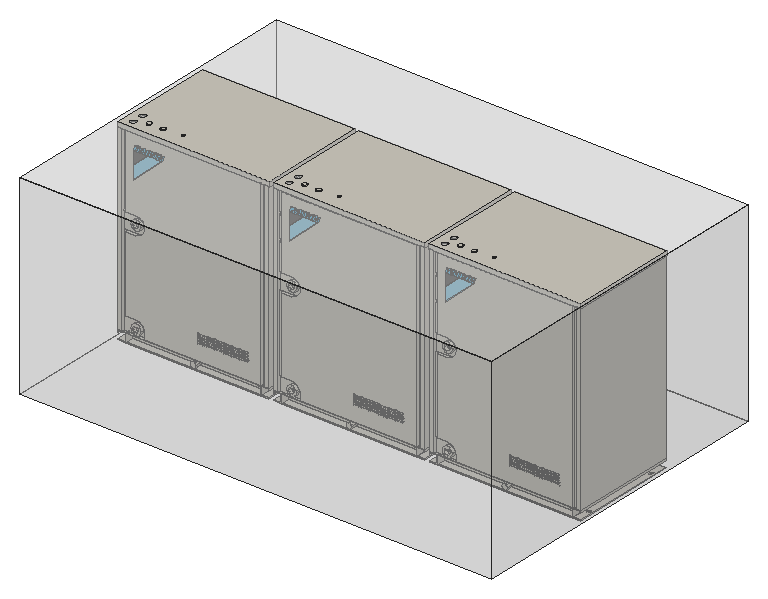
Revit family "outputfile", category 機械設備, Revit 2024
Family settings
  丸型コネクタ寸法 = 半径を使用
  種別 = なし
  パーツ タイプ = 標準
  OmniClass 番号 = 23.75.10.24.21.27.27
  OmniClass タイトル = Split System Air Conditioning Units
  作業面ベース = いいえ
  常に垂直 = はい
  ロード時にボイドで切り取り = いいえ
  注釈の向きを維持 = いいえ
  共有 = いいえ
  部屋計算ポイント = いいえ
Parameters (values of type "RWEYQ36TY14")
  製造元 = "Daikin"
  書き出し IFC クラス(タイプ) = "IfcUnitaryEquipmentType"
  定義済み IFC タイプ(タイプ) = "AIRCONDITIONINGUNIT"
  モデル = "RWEYQ36TY14"
  w_unit3 = 780.0 mm
  w_unit2 = 780.0 mm
  w_unit1 = 780.0 mm
  switch_unit3_6-8 [instance] = if(Reverse_ModuleSequence, if(default_unit1 = 1, 1 = 1, 1 = 0), if(default_unit3 = 1, 1 = 1, 1 = 0))  # no
  switch_unit3_12 [instance] = if(Reverse_ModuleSequence, if(default_unit1 = 3, 1 = 1, 1 = 0), if(default_unit3 = 3, 1 = 1, 1 = 0))  # yes
  switch_unit3_10 [instance] = if(Reverse_ModuleSequence, if(default_unit1 = 2, 1 = 1, 1 = 0), if(default_unit3 = 2, 1 = 1, 1 = 0))  # no
  switch_unit2_6-8 [instance] = if(default_unit2 = 1, 1 = 1, 1 = 0)  # no
  switch_unit2_12 [instance] = if(default_unit2 = 3, 1 = 1, 1 = 0)  # yes
  switch_unit2_10 [instance] = if(default_unit2 = 2, 1 = 1, 1 = 0)  # no
  switch_unit1_6-8 [instance] = if(Reverse_ModuleSequence, if(default_unit3 = 1, 1 = 1, 1 = 0), if(default_unit1 = 1, 1 = 1, 1 = 0))  # no
  switch_unit1_12 [instance] = if(Reverse_ModuleSequence, if(default_unit3 = 3, 1 = 1, 1 = 0), if(default_unit1 = 3, 1 = 1, 1 = 0))  # yes
  switch_unit1_10 [instance] = if(Reverse_ModuleSequence, if(default_unit3 = 2, 1 = 1, 1 = 0), if(default_unit1 = 2, 1 = 1, 1 = 0))  # no
  r_Water Outlet Pipe Connection_unit3 [instance] = Water Outlet Pipe Connection_Unit3 / 2  # 15.9 mm
  r_Water Outlet Pipe Connection_unit2 [instance] = Water Outlet Pipe Connection_Unit2 / 2  # 15.9 mm
  r_Water Outlet Pipe Connection_unit1 [instance] = Water Outlet Pipe Connection_Unit1 / 2  # 15.9 mm
  r_Water Inlet Pipe Connection_unit3 [instance] = Water Inlet Pipe Connection_Unit3 / 2  # 15.9 mm
  r_Water Inlet Pipe Connection_unit2 [instance] = Water Inlet Pipe Connection_Unit2 / 2  # 15.9 mm
  r_Water Inlet Pipe Connection_unit1 [instance] = Water Inlet Pipe Connection_Unit1 / 2  # 15.9 mm
  r_Drain Pipe Size = Drain Pipe Size / 2  # 6.35 mm
  lw_Water Outlet3 = 95.0 mm
  lw_Water Outlet2 = 95.0 mm
  lw_Water Outlet1 = 95.0 mm
  lw_Water Inlet3 = 95.0 mm
  lw_Water Inlet2 = 95.0 mm
  lw_Water Inlet1 = 95.0 mm
  lw_Drain3 = 390.0 mm
  lw_Drain2 = 390.0 mm
  lw_Drain1 = 390.0 mm
  default_Water Outlet Pipe Connection_Unit 3 = 31.8 mm
  default_Water Outlet Pipe Connection_Unit 2 = 31.8 mm
  default_Water Outlet Pipe Connection_Unit 1 = 31.8 mm
  default_Water Inlet Pipe Connection_Unit 3 = 31.8 mm
  default_Water Inlet Pipe Connection_Unit 2 = 31.8 mm
  default_Water Inlet Pipe Connection_Unit 1 = 31.8 mm
  angle_Drain [instance] = if(Rear Connection_Drain, 180.00°, 0.00°)  # 0.00°
  r_Liquid Pipe Size_unit3 [instance] = Liquid Pipe Size_Unit 3 / 2  # 6.35 mm
  r_Liquid Pipe Size_unit2 [instance] = Liquid Pipe Size_Unit 2 / 2  # 6.35 mm
  r_HP/LP Gas Pipe Size_unit3 [instance] = [HP/LP Gas Pipe Size_Unit 3] / 2  # 11.1 mm
  r_HP/LP Gas Pipe Size_unit2 [instance] = [HP/LP Gas Pipe Size_Unit 2] / 2  # 11.1 mm
  r_HP/LP Gas Pipe Size_unit1 [instance] = [HP/LP Gas Pipe Size_Unit 1] / 2  # 11.1 mm
  r_Gas Pipe Size_unit3 [instance] = Gas Pipe Size_Unit 3 / 2  # 11.1 mm
  r_Gas Pipe Size_unit2 [instance] = Gas Pipe Size_Unit 2 / 2  # 11.1 mm
  lw_powersupply3 = 51.0 mm
  lw_powersupply2 = 51.0 mm
  lw_liquidpipe3 = 274.0 mm
  lw_liquidpipe2 = 274.0 mm
  lw_gaspipe3 [instance] = if(Heat Pump, 107.0 mm, 178.0 mm)  # 107.0 mm
  lw_gaspipe2 [instance] = if(Heat Pump, 107.0 mm, 178.0 mm)  # 107.0 mm
  lw_HP/LP Gas Pipe3 [instance] = if(Heat Pump, 178.0 mm, 107.0 mm)  # 178.0 mm
  lw_HP/LP Gas Pipe2 [instance] = if(Heat Pump, 178.0 mm, 107.0 mm)  # 178.0 mm
  lw_HP/LP Gas Pipe1 [instance] = if(Heat Pump, 178.0 mm, 107.0 mm)  # 178.0 mm
  ld_HP/LP Gas Pipe = 69.0 mm
  h_mountinghole = [h_***] + 2.3 mm  # 2.3 mm
  r_Liquid Pipe Size_unit1 [instance] = Liquid Pipe Size_Unit 1 / 2  # 6.35 mm
  r_Gas Pipe Size_unit1 [instance] = Gas Pipe Size_Unit 1 / 2  # 11.1 mm
  distance_unit2-3 [instance] = 20.0 mm
  distance_unit1-2 [instance] = 20.0 mm
  default_unit3 = 3
  default_unit2 = 3
  default_unit1 = 3
  default_Model_Unit 3 = "RWEYQ12TY14"
  default_Model_Unit 2 = "RWEYQ12TY14"
  default_Model_Unit 1 = "RWEYQ12TY14"
  default_Liquid Pipe Size_Unit 3 = 12.7 mm
  default_Liquid Pipe Size_Unit 2 = 12.7 mm
  default_Liquid Pipe Size_Unit 1 = 12.7 mm
  default_HP/LP Gas Pipe Size_Unit 3 [instance] = if(and(Heat Pump, [switch_unit3_6-8]), 19.1 mm, if(and(Heat Pump, switch_unit3_10), 22.2 mm, if(and(Heat Pump, switch_unit3_12), 22.2 mm, if(and(Heat Recovery, [switch_unit3_6-8]), 15.9 mm, if(and(Heat Recovery, switch_unit3_10), 19.1 mm, if(and(Heat Recovery, switch_unit3_12), 19.1 mm, 19.1 mm))))))  # 22.2 mm
  default_HP/LP Gas Pipe Size_Unit 2 [instance] = if(and(Heat Pump, [switch_unit2_6-8]), 19.1 mm, if(and(Heat Pump, switch_unit2_10), 22.2 mm, if(and(Heat Pump, switch_unit2_12), 22.2 mm, if(and(Heat Recovery, [switch_unit2_6-8]), 15.9 mm, if(and(Heat Recovery, switch_unit2_10), 19.1 mm, if(and(Heat Recovery, switch_unit2_12), 19.1 mm, 19.1 mm))))))  # 22.2 mm
  default_HP/LP Gas Pipe Size_Unit 1 [instance] = if(and(Heat Pump, [switch_unit1_6-8]), 19.1 mm, if(and(Heat Pump, switch_unit1_10), 22.2 mm, if(and(Heat Pump, switch_unit1_12), 22.2 mm, if(and(Heat Recovery, [switch_unit1_6-8]), 15.9 mm, if(and(Heat Recovery, switch_unit1_10), 19.1 mm, if(and(Heat Recovery, switch_unit1_12), 19.1 mm, 19.1 mm))))))  # 22.2 mm
  default_Gas Pipe Size_Unit 3 = 22.2 mm
  default_Gas Pipe Size_Unit 2 = 22.2 mm
  default_Gas Pipe Size_Unit 1 = 22.2 mm
  Water Outlet Pipe Connection_Unit3 [instance] = if(Reverse_ModuleSequence, default_Water Outlet Pipe Connection_Unit 1, default_Water Outlet Pipe Connection_Unit 3)  # 31.8 mm
  Water Outlet Pipe Connection_Unit2 [instance] = if(Reverse_ModuleSequence, default_Water Inlet Pipe Connection_Unit 2, default_Water Inlet Pipe Connection_Unit 2)  # 31.8 mm
  Water Outlet Pipe Connection_Unit1 [instance] = if(Reverse_ModuleSequence, default_Water Outlet Pipe Connection_Unit 3, default_Water Outlet Pipe Connection_Unit 1)  # 31.8 mm
  Water Inlet Pipe Connection_Unit3 [instance] = if(Reverse_ModuleSequence, default_Water Inlet Pipe Connection_Unit 1, default_Water Inlet Pipe Connection_Unit 3)  # 31.8 mm
  Water Inlet Pipe Connection_Unit2 [instance] = if(Reverse_ModuleSequence, default_Water Outlet Pipe Connection_Unit 2, default_Water Outlet Pipe Connection_Unit 2)  # 31.8 mm
  Water Inlet Pipe Connection_Unit1 [instance] = if(Reverse_ModuleSequence, default_Water Inlet Pipe Connection_Unit 3, default_Water Inlet Pipe Connection_Unit 1)  # 31.8 mm
  Voltage_comment_50Hz = "380-415"
  Voltage_50Hz = 400 V
  Top Connection_powersupply2 [instance] = not(Top Connection_powersupply1)  # no
  Sound Power Level (dB) = 77
  Reverse_ModuleSequence [instance] = no
  Rear Connection_Drain [instance] = not(Front Connection_Drain)  # no
  Power Input (Heating) = 23.600 kW
  Phase_50Hz = 3
  Nominal Heating Capacity = 113.000 kW
  Model_Unit 3 [instance] = if(Reverse_ModuleSequence, default_Model_Unit 1, default_Model_Unit 3)  # "RWEYQ12TY14"
  Model_Unit 2 [instance] = if(Reverse_ModuleSequence, default_Model_Unit 2, default_Model_Unit 2)  # "RWEYQ12TY14"
  Model_Unit 1 [instance] = if(Reverse_ModuleSequence, default_Model_Unit 3, default_Model_Unit 1)  # "RWEYQ12TY14"
  Minimum Circuit Amps_50Hz = 40.9 A
  Maximum Fuse Amps_50Hz = 45.0 A
  Material_Heat Exchanger = DAIKIN_Blue_HE_outdoorunit
  Material_Casing = DAIKIN_IvoryWhite_Casing_outdoorunit
  lw_powersupply1 = 51.0 mm
  lw_liquidpipe1 = 274.0 mm
  lw_gaspipe1 [instance] = if(Heat Pump, 107.0 mm, 178.0 mm)  # 107.0 mm
  lh_powersupply = 940.0 mm
  ld_powersupply [instance] = if(Top Connection_powersupply1, 38.0 mm, 98.0 mm)  # 38.0 mm
  ld_liquidpipe = 79.0 mm
  ld_gaspipe = 69.0 mm
  h_*** = 0.0 mm
  Width [instance] = [distance_unit1-2] + [distance_unit2-3] + w_unit1 + w_unit2 + w_unit3  # 2380.0 mm
  Version = "ver.1.0"
  Unit Type = ""
  Unit Mass Weight = 441.00 kg
  Unit Designation [instance] = ""
  Uniclass2015Version = "Products v1.30"
  Uniclass2015Title = "Variable refrigerant flow units"
  Uniclass2015Code = "Pr_70_65_03_94"
  Total Cooling Capacity [instance] = 0.000 kW
  Sound Pressure Level (dBA) = 58
  Series = "VRV Heat Recovery"
  Refrigerant_Base Charge = 12.600 kg
  Refrigerant_Additional Charge [instance] = 0.000 kg
  Refrigerant Type = "R410A"
  Power Input (Cooling) = 22.000 kW
  Option Accessory 3 [instance] = ""
  Option Accessory 2 [instance] = ""
  Option Accessory 1 [instance] = ""
  Nominal Cooling Capacity = 101.000 kW
  Load Classification = HVAC
  Liquid Pipe Size_Unit 3 [instance] = if(Reverse_ModuleSequence, default_Liquid Pipe Size_Unit 1, default_Liquid Pipe Size_Unit 3)  # 12.7 mm
  Liquid Pipe Size_Unit 2 [instance] = if(Reverse_ModuleSequence, default_Liquid Pipe Size_Unit 2, default_Liquid Pipe Size_Unit 2)  # 12.7 mm
  Liquid Pipe Size_Unit 1 [instance] = if(Reverse_ModuleSequence, default_Liquid Pipe Size_Unit 3, default_Liquid Pipe Size_Unit 1)  # 12.7 mm
  Link_Nested Family [instance] = ""
  Intermediate Liquid Pipe Size_Unit1-2 = 19.1 mm
  Intermediate HP/LP Gas Pipe Size_Unit1-2 = 22.2 mm
  Intermediate Gas Pipe Size_Unit1-2 = 28.6 mm
  IfcVersion = ""
  IfcExportType = "AIRCONDITIONINGUNIT"
  IfcExportAs = "IfcUnitaryEquipmentType"
  Height = 1000.0 mm
  Heat Recovery [instance] = not(Heat Pump)  # no
  Heat Pump [instance] = yes
  Heat Exchanger Type = "Stainless Steel Plate"
  HP/LP Gas Pipe Size_Unit 3 [instance] = [default_HP/LP Gas Pipe Size_Unit 3]  # 22.2 mm
  HP/LP Gas Pipe Size_Unit 2 [instance] = [default_HP/LP Gas Pipe Size_Unit 2]  # 22.2 mm
  HP/LP Gas Pipe Size_Unit 1 [instance] = [default_HP/LP Gas Pipe Size_Unit 1]  # 22.2 mm
  Gas Pipe Size_Unit 3 [instance] = if(Reverse_ModuleSequence, default_Gas Pipe Size_Unit 1, default_Gas Pipe Size_Unit 3)  # 22.2 mm
  Gas Pipe Size_Unit 2 [instance] = if(Reverse_ModuleSequence, default_Gas Pipe Size_Unit 2, default_Gas Pipe Size_Unit 2)  # 22.2 mm
  Gas Pipe Size_Unit 1 [instance] = if(Reverse_ModuleSequence, default_Gas Pipe Size_Unit 3, default_Gas Pipe Size_Unit 1)  # 22.2 mm
  Top Connection_powersupply1 [instance] = yes
  Front Connection_Drain [instance] = yes
  Frequency_50Hz = 50 Hz
  Drain Pipe Size = 12.7 mm
  Depth = 550.0 mm
  既定の高さ = 0.0 mm
  Cooling Ambient Wet Bulb Temperature [instance] = 0.00 °C
  Cooling Ambient Dry Bulb Temperature [instance] = 0.00 °C
  Compressor Type = "Hermetically Sealed Scroll Type"
  Clearance visibility [instance] = yes
  Clearance Top = 0.0 mm
  Clearance Right = 20.0 mm
  Clearance Rear = 500.0 mm
  Clearance Left = 20.0 mm
  Clearance Front = 600.0 mm
  Clearance Bottom = 0.0 mm
  CU Tag No. [instance] = ""
Reference planes
  plane 1 "Center (Front/Back)": y = 0
  plane 2 "h_***": z = 0
  plane 3 "Center (Left/Right)": x = 0
  plane 4 "Back": y = 275
  plane 5 "Front": y = -275
  plane 6 "Left": x = -390
  plane 7 "w_unit1": x = 390
  plane 8 "Top": z = 1000
  plane 9 "Clearance Rear": y = 775
  plane 10 "Clearance Front": y = -875
  plane 11 "Clearance Left": x = -410
  plane 12 "Clearance Right": x = 2010
  plane 13 "Clearance Top": z = 1000
  plane 14 "Clearance Bottom": z = 0
  plane 15 "Bottom": z = 0
  plane 16 "lw_powersupply1": x = -339
  plane 17 "ld_powersupply": y = -237
  plane 18 "lw_liquidpipe1": x = -116
  plane 19 "Rear Connection_refrigetant": y = -196
  plane 20 "lw_gaspipe1": x = -283
  plane 21 "ld_gaspipe": y = -206
  plane 22 "lh_logo": z = 900
  plane 23 "lw_logo": x = 100
  plane 24 "lh_powersupply": z = 940
  plane 25 "lw_HP/LP Gas Pipe1": x = -212
  plane 26 "ld_HP/LP Gas Pipe": y = -206
  plane 27 "l_unit2": x = 410
  plane 28 "w_unit2": x = 1190
  plane 29 "lw_powersupply2": x = 461
  plane 30 "lw_liquidpipe2": x = 684
  plane 31 "lw_gaspipe2": x = 517
  plane 32 "lw_HP/LP Gas Pipe2": x = 588
  plane 33 "Right": x = 1990
  plane 34 "叴": x = 1210
  plane 35 "叵": x = 1261
  plane 36 "叶": x = 1484
  plane 37 "号": x = 1317
  plane 38 "司": x = 1388
  plane 39 "lw_Water Inlet2": x = 505
  plane 40 "lw_Water Inlet3": x = 1305
  plane 41 "lw_Water Outlet1": x = -295
  plane 42 "lw_Water Outlet2": x = 505
  plane 43 "lw_Water Outlet3": x = 1305
  plane 44 "lw_Drain1": x = 0
  plane 45 "lw_Drain2": x = 800
  plane 46 "lw_Drain3": x = 1600
  plane 47 "lw_Water Inlet1": x = -295
Dimensions and locks
  equal spacing: plane 4 "Back", plane 1 "Center (Front/Back)", plane 5 "Front"
  "Depth": plane 4 "Back" to plane 5 "Front"
  equal spacing: plane 6 "Left", plane 3 "Center (Left/Right)", plane 7 "w_unit1"
  "w_unit1": plane 6 "Left" to plane 7 "w_unit1"
  "Clearance Rear": plane 9 "Clearance Rear" to plane 4 "Back"
  "Clearance Front": plane 10 "Clearance Front" to plane 5 "Front"
  "Clearance Left": plane 11 "Clearance Left" to plane 6 "Left"
  "Clearance Top": plane 13 "Clearance Top" to plane 8 "Top"
  "h_***": plane 15 "Bottom" to plane 2 "h_***"
  "Height": plane 8 "Top" to plane 15 "Bottom"
  "Clearance Bottom": plane 15 "Bottom" to plane 14 "Clearance Bottom"
  "ld_powersupply": plane 17 "ld_powersupply" to plane 5 "Front"
  "ld_liquidpipe": plane 19 "Rear Connection_refrigetant" to plane 5 "Front"
  "ld_gaspipe": plane 21 "ld_gaspipe" to plane 5 "Front"
  locked: plane 23 "lw_logo" to plane 7 "w_unit1" at 290
  locked: plane 22 "lh_logo" to plane 15 "Bottom" at 900
  "lw_gaspipe1": plane 6 "Left" to plane 20 "lw_gaspipe1"
  "lw_liquidpipe1": plane 6 "Left" to plane 18 "lw_liquidpipe1"
  "lw_powersupply1": plane 6 "Left" to plane 16 "lw_powersupply1"
  "lh_powersupply": plane 24 "lh_powersupply" to plane 15 "Bottom"
  "lw_HP/LP Gas Pipe1": plane 6 "Left" to plane 25 "lw_HP/LP Gas Pipe1"
  "ld_HP/LP Gas Pipe": plane 26 "ld_HP/LP Gas Pipe" to plane 5 "Front"
  "distance_unit1-2": plane 7 "w_unit1" to plane 27 "l_unit2"
  "lw_powersupply2": plane 27 "l_unit2" to plane 29 "lw_powersupply2"
  "lw_HP/LP Gas Pipe2": plane 27 "l_unit2" to plane 32 "lw_HP/LP Gas Pipe2"
  "lw_gaspipe2": plane 27 "l_unit2" to plane 31 "lw_gaspipe2"
  "lw_liquidpipe2": plane 27 "l_unit2" to plane 30 "lw_liquidpipe2"
  "w_unit2": plane 27 "l_unit2" to plane 28 "w_unit2"
  "distance_unit2-3": plane 28 "w_unit2" to plane 34 "叴"
  "Width": plane 6 "Left" to plane 33 "Right"
  "Clearance Right": plane 33 "Right" to plane 12 "Clearance Right"
  "lw_powersupply3": plane 34 "叴" to plane 35 "叵"
  "lw_HP/LP Gas Pipe3": plane 34 "叴" to plane 38 "司"
  "lw_gaspipe3": plane 34 "叴" to plane 37 "号"
  "lw_liquidpipe3": plane 34 "叴" to plane 36 "叶"
  "lw_Water Inlet1": plane 6 "Left" to plane 47 "lw_Water Inlet1"
  "lw_Water Inlet2": plane 27 "l_unit2" to plane 39 "lw_Water Inlet2"
  "lw_Water Inlet3": plane 34 "叴" to plane 40 "lw_Water Inlet3"
  "lw_Water Outlet1": plane 6 "Left" to plane 41 "lw_Water Outlet1"
  "lw_Water Outlet2": plane 27 "l_unit2" to plane 42 "lw_Water Outlet2"
  "lw_Water Outlet3": plane 34 "叴" to plane 43 "lw_Water Outlet3"
  "lw_Drain1": plane 6 "Left" to plane 44 "lw_Drain1"
  "lw_Drain2": plane 27 "l_unit2" to plane 45 "lw_Drain2"
  "lw_Drain3": plane 34 "叴" to plane 46 "lw_Drain3"
  aligned and locked: level to plane 2 "h_***"
  aligned and locked: nested 2 to plane 9 "Clearance Rear"
  aligned and locked: nested 2 to plane 10 "Clearance Front"
  aligned and locked: plane 11 "Clearance Left" to nested 2
  aligned and locked: plane 12 "Clearance Right" to nested 2
  aligned and locked: nested 2 to plane 13 "Clearance Top"
  aligned and locked: nested 2 to plane 14 "Clearance Bottom"
  aligned and locked: plane 8 "Top" to nested 1
  aligned and locked: plane 22 "lh_logo" to nested 7
  aligned and locked: nested 8 to plane 16 "lw_powersupply1"
  aligned and locked: nested 9 to plane 20 "lw_gaspipe1"
  aligned and locked: nested 10 to plane 18 "lw_liquidpipe1"
  aligned and locked: nested 10 to plane 19 "Rear Connection_refrigetant"
  aligned and locked: nested 9 to plane 21 "ld_gaspipe"
  aligned and locked: nested 8 to plane 17 "ld_powersupply"
  aligned and locked: plane 5 "Front" to nested 7
  aligned and locked: plane 24 "lh_powersupply" to nested 8
  aligned and locked: plane 27 "l_unit2" to nested 11
  aligned and locked: nested 17 to plane 29 "lw_powersupply2"
  aligned and locked: nested 17 to plane 17 "ld_powersupply"
  aligned and locked: nested 18 to plane 31 "lw_gaspipe2"
  aligned and locked: nested 18 to plane 26 "ld_HP/LP Gas Pipe"
  aligned and locked: plane 1 "Center (Front/Back)" to nested 20
  aligned and locked: plane 34 "叴" to nested 20
  aligned and locked: nested 27 to plane 35 "叵"
  aligned and locked: nested 28 to plane 37 "号"
  aligned and locked: nested 26 to plane 36 "叶"
  aligned and locked: plane 17 "ld_powersupply" to nested 27
  aligned and locked: plane 21 "ld_gaspipe" to nested 28
  aligned and locked: plane 19 "Rear Connection_refrigetant" to nested 26
  aligned and locked: nested 27 to plane 24 "lh_powersupply"
  aligned and locked: plane 1 "Center (Front/Back)" to nested 29
  aligned and locked: plane 1 "Center (Front/Back)" to nested 30
  aligned and locked: plane 1 "Center (Front/Back)" to nested 31
  aligned and locked: plane 1 "Center (Front/Back)" to nested 32
  aligned and locked: plane 1 "Center (Front/Back)" to nested 33
  aligned and locked: plane 1 "Center (Front/Back)" to nested 34
  aligned and locked: plane 1 "Center (Front/Back)" to nested 35
  aligned and locked: plane 1 "Center (Front/Back)" to nested 36
  aligned and locked: plane 1 "Center (Front/Back)" to nested 37
  aligned and locked: plane 47 "lw_Water Inlet1" to nested 29
  aligned and locked: plane 39 "lw_Water Inlet2" to nested 30
  aligned and locked: plane 40 "lw_Water Inlet3" to nested 31
  aligned and locked: plane 41 "lw_Water Outlet1" to nested 32
  aligned and locked: plane 42 "lw_Water Outlet2" to nested 33
  aligned and locked: plane 43 "lw_Water Outlet3" to nested 34
  aligned and locked: plane 44 "lw_Drain1" to nested 35
  aligned and locked: plane 45 "lw_Drain2" to nested 36
  aligned and locked: plane 46 "lw_Drain3" to nested 37
  aligned and locked: plane 25 "lw_HP/LP Gas Pipe1" to nested 38
  aligned and locked: plane 32 "lw_HP/LP Gas Pipe2" to nested 39
  aligned and locked: plane 38 "司" to nested 40
  aligned and locked: nested 38 to plane 26 "ld_HP/LP Gas Pipe"
  aligned and locked: nested 39 to plane 26 "ld_HP/LP Gas Pipe"
  aligned and locked: plane 26 "ld_HP/LP Gas Pipe" to nested 40
Nested families
  nested 1: "DAIKIN_outdoorunit_RWEYQ-TY14" at (-31, 0, 0), h_*** <- "h_***", Link_Nest <- "Link_Nested Family", h_mountinghole <- "h_mountinghole", Width <- "w_unit1", switch_unit1_6-8 <- "switch_unit1_6-8", switch_unit1_10 <- "switch_unit1_10", switch_unit1_12 <- "switch_unit1_12", type "RWEYQ-TY14"
    with switch_unit1_6-8 no, switch_unit1_12 yes, switch_unit1_10 no, show_fixedhole yes, h_mountinghole 2.3 mm, h_antenna_mountinghole 998.7 mm, h_*** 0.0 mm, array_bolt 5, Width 780.0 mm, Liquid Pipe Size_Unit 1 12.7 mm, Link_Nest "", HP/LP Pipe Size_Unit 1 22.2 mm, Gas Pipe Size_Unit 1 22.2 mm
  nested 2: "daikin_clearancespace" at (800, -50, 500.119), visible <- "Clearance visibility", show <- "Clearance visibility", Link_Nested Family <- "Link_Nested Family", type "daikin_clearancespace"
    with width 2420.0 mm, show yes, height 1000.0 mm, depth 1650.0 mm, Link_Nested Family ""
  nested 3: "daikin_mountinghole" at (-372, 200, 0), type "daikin_mountinghole"
    with show yes, l_antenna 998.7 mm, h_mountinghole 2.3 mm, Link_Nested Family ""
  nested 4: "daikin_mountinghole" at (372, 200, 0), type "daikin_mountinghole"
    with show yes, l_antenna 998.7 mm, h_mountinghole 2.3 mm, Link_Nested Family ""
  nested 5: "daikin_mountinghole" at (-372, -200, 0), type "daikin_mountinghole"
    with show yes, l_antenna 998.7 mm, h_mountinghole 2.3 mm, Link_Nested Family ""
  nested 6: "daikin_mountinghole" at (372, -200, 0), type "daikin_mountinghole"
    with show yes, l_antenna 998.7 mm, h_mountinghole 2.3 mm, Link_Nested Family ""
  nested 7: "daikin_logo_elevation_w150" at (-212.5, -275, 744.568), type "daikin_logo_elevation_w150"
    with show_logo yes
  nested 8: "daikin_connector_rotate3" at (-339, -237, 940) x (-1, 0, 0) z (0, 0, -1), type "daikin_connector_rotate3"
    with show no, radius 10.0 mm, length 60.0 mm, angle_vertical 0.00°, angle_horizontal 0.00°
  nested 9: "daikin_connector_rotate3" at (-283, -206, 940) x (-1, 0, 0) z (0, 0, -1), radius <- "r_Gas Pipe Size_unit1", type "daikin_connector_rotate3"
    with show no, radius 11.1 mm, length 60.0 mm, angle_vertical 0.00°, angle_horizontal 0.00°
  nested 10: "daikin_connector_rotate3" at (-116, -196, 940) x (-1, 0, 0) z (0, 0, -1), radius <- "r_Liquid Pipe Size_unit1", type "daikin_connector_rotate3"
    with show no, radius 6.35 mm, length 60.0 mm, angle_vertical 0.00°, angle_horizontal 0.00°
  nested 11: "DAIKIN_outdoorunit_RWEYQ-TY14" at (769, 0, 0), Width <- "w_unit2", switch_unit1_6-8 <- "switch_unit2_6-8", switch_unit1_10 <- "switch_unit2_10", switch_unit1_12 <- "switch_unit2_12", type "RWEYQ-TY14"
    with switch_unit1_6-8 no, switch_unit1_12 yes, switch_unit1_10 no, show_fixedhole yes, h_mountinghole 2.3 mm, h_antenna_mountinghole 998.7 mm, h_*** 0.0 mm, array_bolt 5, Width 780.0 mm, Liquid Pipe Size_Unit 1 12.7 mm, Link_Nest "", HP/LP Pipe Size_Unit 1 22.2 mm, Gas Pipe Size_Unit 1 22.2 mm
  nested 12: "daikin_mountinghole" at (428, 200, 0), type "daikin_mountinghole"
    with show yes, l_antenna 998.7 mm, h_mountinghole 2.3 mm, Link_Nested Family ""
  nested 13: "daikin_mountinghole" at (1172, 200, 0), type "daikin_mountinghole"
    with show yes, l_antenna 998.7 mm, h_mountinghole 2.3 mm, Link_Nested Family ""
  nested 14: "daikin_mountinghole" at (428, -200, 0), type "daikin_mountinghole"
    with show yes, l_antenna 998.7 mm, h_mountinghole 2.3 mm, Link_Nested Family ""
  nested 15: "daikin_mountinghole" at (1172, -200, 0), type "daikin_mountinghole"
    with show yes, l_antenna 998.7 mm, h_mountinghole 2.3 mm, Link_Nested Family ""
  nested 16: "daikin_connector_rotate3" at (684, -196, 940) x (-1, 0, 0) z (0, 0, -1), radius <- "r_Liquid Pipe Size_unit2", type "daikin_connector_rotate3"
    with show no, radius 6.35 mm, length 60.0 mm, angle_vertical 0.00°, angle_horizontal 0.00°
  nested 17: "daikin_connector_rotate3" at (461, -237, 940) x (-1, 0, 0) z (0, 0, -1), type "daikin_connector_rotate3"
    with show no, radius 10.0 mm, length 60.0 mm, angle_vertical 0.00°, angle_horizontal 0.00°
  nested 18: "daikin_connector_rotate3" at (517, -206, 940) x (-1, 0, 0) z (0, 0, -1), radius <- "r_Gas Pipe Size_unit2", type "daikin_connector_rotate3"
    with show no, radius 11.1 mm, length 60.0 mm, angle_vertical 0.00°, angle_horizontal 0.00°
  nested 19: "daikin_logo_elevation_w150" at (587.5, -275, 744.568), type "daikin_logo_elevation_w150"
    with show_logo yes
  nested 20: "DAIKIN_outdoorunit_RWEYQ-TY14" at (1569, 0, 0), switch_unit1_6-8 <- "switch_unit3_6-8", switch_unit1_10 <- "switch_unit3_10", switch_unit1_12 <- "switch_unit3_12", Width <- "w_unit3", type "RWEYQ-TY14"
    with switch_unit1_6-8 no, switch_unit1_12 yes, switch_unit1_10 no, show_fixedhole yes, h_mountinghole 2.3 mm, h_antenna_mountinghole 998.7 mm, h_*** 0.0 mm, array_bolt 5, Width 780.0 mm, Liquid Pipe Size_Unit 1 12.7 mm, Link_Nest "", HP/LP Pipe Size_Unit 1 22.2 mm, Gas Pipe Size_Unit 1 22.2 mm
  nested 21: "daikin_mountinghole" at (1228, 200, 0), type "daikin_mountinghole"
    with show yes, l_antenna 998.7 mm, h_mountinghole 2.3 mm, Link_Nested Family ""
  nested 22: "daikin_mountinghole" at (1972, 200, 0), type "daikin_mountinghole"
    with show yes, l_antenna 998.7 mm, h_mountinghole 2.3 mm, Link_Nested Family ""
  nested 23: "daikin_mountinghole" at (1228, -200, 0), type "daikin_mountinghole"
    with show yes, l_antenna 998.7 mm, h_mountinghole 2.3 mm, Link_Nested Family ""
  nested 24: "daikin_mountinghole" at (1972, -200, 0), type "daikin_mountinghole"
    with show yes, l_antenna 998.7 mm, h_mountinghole 2.3 mm, Link_Nested Family ""
  nested 25: "daikin_logo_elevation_w150" at (1387.5, -275, 744.568), type "daikin_logo_elevation_w150"
    with show_logo yes
  nested 26: "daikin_connector_rotate3" at (1484, -196, 940) x (-1, 0, 0) z (0, 0, -1), radius <- "r_Liquid Pipe Size_unit3", type "daikin_connector_rotate3"
    with show no, radius 6.35 mm, length 60.0 mm, angle_vertical 0.00°, angle_horizontal 0.00°
  nested 27: "daikin_connector_rotate3" at (1261, -237, 940) x (-1, 0, 0) z (0, 0, -1), type "daikin_connector_rotate3"
    with show no, radius 10.0 mm, length 60.0 mm, angle_vertical 0.00°, angle_horizontal 0.00°
  nested 28: "daikin_connector_rotate3" at (1317, -206, 940) x (-1, 0, 0) z (0, 0, -1), radius <- "r_Gas Pipe Size_unit3", type "daikin_connector_rotate3"
    with show no, radius 11.1 mm, length 60.0 mm, angle_vertical 0.00°, angle_horizontal 0.00°
  nested 29: "daikin_connector_rotate3" at (-295, 0, 76), radius <- "r_Water Inlet Pipe Connection_unit1", type "daikin_connector_rotate3"
    with show no, radius 15.9 mm, length 275.0 mm, angle_vertical 90.00°, angle_horizontal 0.00°
  nested 30: "daikin_connector_rotate3" at (505, 0, 76), radius <- "r_Water Inlet Pipe Connection_unit2", type "daikin_connector_rotate3"
    with show no, radius 15.9 mm, length 275.0 mm, angle_vertical 90.00°, angle_horizontal 0.00°
  nested 31: "daikin_connector_rotate3" at (1305, 0, 76), radius <- "r_Water Inlet Pipe Connection_unit3", type "daikin_connector_rotate3"
    with show no, radius 15.9 mm, length 275.0 mm, angle_vertical 90.00°, angle_horizontal 0.00°
  nested 32: "daikin_connector_rotate3" at (-295, 0, 556), radius <- "r_Water Outlet Pipe Connection_unit1", type "daikin_connector_rotate3"
    with show no, radius 15.9 mm, length 275.0 mm, angle_vertical 90.00°, angle_horizontal 0.00°
  nested 33: "daikin_connector_rotate3" at (505, 0, 556), radius <- "r_Water Outlet Pipe Connection_unit2", type "daikin_connector_rotate3"
    with show no, radius 15.9 mm, length 275.0 mm, angle_vertical 90.00°, angle_horizontal 0.00°
  nested 34: "daikin_connector_rotate3" at (1305, 0, 556), radius <- "r_Water Outlet Pipe Connection_unit3", type "daikin_connector_rotate3"
    with show no, radius 15.9 mm, length 275.0 mm, angle_vertical 90.00°, angle_horizontal 0.00°
  nested 35: "daikin_connector_rotate3" at (0, 0, 19), radius <- "r_Drain Pipe Size", angle_horizontal <- "angle_Drain", type "daikin_connector_rotate3"
    with show no, radius 6.35 mm, length 275.0 mm, angle_vertical 90.00°, angle_horizontal 0.00°
  nested 36: "daikin_connector_rotate3" at (800, 0, 19), angle_horizontal <- "angle_Drain", radius <- "r_Drain Pipe Size", type "daikin_connector_rotate3"
    with show no, radius 6.35 mm, length 275.0 mm, angle_vertical 90.00°, angle_horizontal 0.00°
  nested 37: "daikin_connector_rotate3" at (1600, 0, 19), angle_horizontal <- "angle_Drain", radius <- "r_Drain Pipe Size", type "daikin_connector_rotate3"
    with show no, radius 6.35 mm, length 275.0 mm, angle_vertical 90.00°, angle_horizontal 0.00°
  nested 38: "daikin_connector_rotate3" at (-212, -206, 940) x (1, 0, 0) z (0, 0, -1), radius <- "r_HP/LP Gas Pipe Size_unit1", type "daikin_connector_rotate3"
    with show no, radius 11.1 mm, length 60.0 mm, angle_vertical 0.00°, angle_horizontal 0.00°
  nested 39: "daikin_connector_rotate3" at (588, -206, 940) x (1, 0, 0) z (0, 0, -1), radius <- "r_HP/LP Gas Pipe Size_unit2", type "daikin_connector_rotate3"
    with show no, radius 11.1 mm, length 60.0 mm, angle_vertical 0.00°, angle_horizontal 0.00°
  nested 40: "daikin_connector_rotate3" at (1388, -206, 940) x (1, 0, 0) z (0, 0, -1), radius <- "r_HP/LP Gas Pipe Size_unit3", type "daikin_connector_rotate3"
    with show no, radius 11.1 mm, length 60.0 mm, angle_vertical 0.00°, angle_horizontal 0.00°
Connectors
  piping at (-116, -196, 1000), diameter 12.7, driven by "r_Liquid Pipe Size_unit1"
    settings: on nested 10, index 12, connector inside diameter 609.6 mm, connector length 0.0 mm, flow factor 0, pipe flow 0.00 m³/h, pressure drop 0.0 Pa, fitting loss kfactor 0, connector angle 0.00°, fixture units 0, engagement length 0.0 mm, angle of deflection 0.00°, flow configuration 0, flow direction 2, fitting loss method 0, system type 29, joint type 0, gender type 0, connector reference index -1, connector utility 0, adjustable connector no, is connector primary no, connector description "Refrigerant Liquid Piping1"
  electrical at (-339, -237, 1000), driven by "Load Classification"
    settings: on nested 8, index 13, voltage 0 V, apparent load 0 VA, apparent load phase1 0 VA, apparent load phase2 0 VA, apparent load phase3 0 VA, power factor 1, load classification "HVAC", number of poles 1, system type 30, power factor state 1, is connector primary yes, connector utility no, sub classification motor no, connector description "Power Supply1"
  piping at (684, -196, 1000), diameter 12.7, driven by "r_Liquid Pipe Size_unit2"
    settings: on nested 16, index 15, connector inside diameter 609.6 mm, connector length 0.0 mm, flow factor 0, pipe flow 0.00 m³/h, pressure drop 0.0 Pa, fitting loss kfactor 0, connector angle 0.00°, fixture units 0, engagement length 0.0 mm, angle of deflection 0.00°, flow configuration 0, flow direction 2, fitting loss method 0, system type 29, joint type 0, gender type 0, connector reference index -1, connector utility 0, adjustable connector no, is connector primary no, connector description "Refrigerant Liquid Piping2"
  electrical at (461, -237, 1000), driven by "Load Classification"
    settings: on nested 17, index 17, voltage 0 V, apparent load 0 VA, apparent load phase1 0 VA, apparent load phase2 0 VA, apparent load phase3 0 VA, power factor 1, load classification "HVAC", number of poles 1, system type 30, power factor state 1, is connector primary no, connector utility no, sub classification motor no, connector description "Power Supply2"
  piping at (1484, -196, 1000), diameter 12.7, driven by "r_Liquid Pipe Size_unit3"
    settings: on nested 26, index 19, connector inside diameter 609.6 mm, connector length 0.0 mm, flow factor 0, pipe flow 0.00 m³/h, pressure drop 0.0 Pa, fitting loss kfactor 0, connector angle 0.00°, fixture units 0, engagement length 0.0 mm, angle of deflection 0.00°, flow configuration 0, flow direction 2, fitting loss method 0, system type 29, joint type 0, gender type 0, connector reference index -1, connector utility 0, adjustable connector no, is connector primary no, connector description "Refrigerant Liquid Piping3"
  electrical at (1261, -237, 1000), driven by "Load Classification"
    settings: on nested 27, index 21, voltage 0 V, apparent load 0 VA, apparent load phase1 0 VA, apparent load phase2 0 VA, apparent load phase3 0 VA, power factor 1, load classification "HVAC", number of poles 1, system type 30, power factor state 1, is connector primary no, connector utility no, sub classification motor no, connector description "Power Supply3"
  piping at (-295, -275, 556), diameter 31.8, driven by "r_Water Outlet Pipe Connection_unit1"
    settings: on nested 32, index 24, connector inside diameter 609.6 mm, connector length 0.0 mm, flow factor 0, pipe flow 0.00 m³/h, pressure drop 0.0 Pa, fitting loss kfactor 0, connector angle 0.00°, fixture units 0, engagement length 0.0 mm, angle of deflection 0.00°, flow configuration 1, flow direction 2, fitting loss method 0, system type 8, joint type 0, gender type 0, connector reference index -1, connector utility 0, adjustable connector no, is connector primary no, connector description "Cooling Water Outlet Piping 1"
  piping at (-295, -275, 76), diameter 31.8, driven by "r_Water Inlet Pipe Connection_unit1"
    settings: on nested 29, index 25, connector inside diameter 609.6 mm, connector length 0.0 mm, flow factor 0, pipe flow 0.00 m³/h, pressure drop 0.0 Pa, fitting loss kfactor 0, connector angle 0.00°, fixture units 0, engagement length 0.0 mm, angle of deflection 0.00°, flow configuration 1, flow direction 1, fitting loss method 0, system type 7, joint type 0, gender type 0, connector reference index -1, connector utility 0, adjustable connector no, is connector primary no, connector description "Cooling Water Inlet  Piping 1"
  piping at (0, -275, 19), diameter 12.7, driven by "r_Drain Pipe Size"
    settings: on nested 35, index 26, connector inside diameter 609.6 mm, connector length 0.0 mm, flow factor 0, pipe flow 0.00 m³/h, pressure drop 0.0 Pa, fitting loss kfactor 0, connector angle 0.00°, fixture units 0, engagement length 0.0 mm, angle of deflection 0.00°, flow configuration 1, flow direction 2, fitting loss method 4, system type 16, joint type 0, gender type 0, connector reference index -1, connector utility 0, adjustable connector no, is connector primary no, connector description "Condensate Drain Piping 1"
  piping at (505, -275, 556), diameter 31.8, driven by "r_Water Outlet Pipe Connection_unit2"
    settings: on nested 33, index 27, connector inside diameter 609.6 mm, connector length 0.0 mm, flow factor 0, pipe flow 0.00 m³/h, pressure drop 0.0 Pa, fitting loss kfactor 0, connector angle 0.00°, fixture units 0, engagement length 0.0 mm, angle of deflection 0.00°, flow configuration 1, flow direction 2, fitting loss method 0, system type 8, joint type 0, gender type 0, connector reference index -1, connector utility 0, adjustable connector no, is connector primary no, connector description "Cooling Water Outlet Piping 2"
  piping at (505, -275, 76), diameter 31.8, driven by "r_Water Inlet Pipe Connection_unit2"
    settings: on nested 30, index 28, connector inside diameter 609.6 mm, connector length 0.0 mm, flow factor 0, pipe flow 0.00 m³/h, pressure drop 0.0 Pa, fitting loss kfactor 0, connector angle 0.00°, fixture units 0, engagement length 0.0 mm, angle of deflection 0.00°, flow configuration 1, flow direction 1, fitting loss method 0, system type 7, joint type 0, gender type 0, connector reference index -1, connector utility 0, adjustable connector no, is connector primary no, connector description "Cooling Water Inlet  Piping 2"
  piping at (800, -275, 19), diameter 12.7, driven by "r_Drain Pipe Size"
    settings: on nested 36, index 29, connector inside diameter 609.6 mm, connector length 0.0 mm, flow factor 0, pipe flow 0.00 m³/h, pressure drop 0.0 Pa, fitting loss kfactor 0, connector angle 0.00°, fixture units 0, engagement length 0.0 mm, angle of deflection 0.00°, flow configuration 1, flow direction 2, fitting loss method 4, system type 16, joint type 0, gender type 0, connector reference index -1, connector utility 0, adjustable connector no, is connector primary no, connector description "Condensate Drain Piping 2"
  piping at (1305, -275, 556), diameter 31.8, driven by "r_Water Outlet Pipe Connection_unit3"
    settings: on nested 34, index 30, connector inside diameter 609.6 mm, connector length 0.0 mm, flow factor 0, pipe flow 0.00 m³/h, pressure drop 0.0 Pa, fitting loss kfactor 0, connector angle 0.00°, fixture units 0, engagement length 0.0 mm, angle of deflection 0.00°, flow configuration 1, flow direction 2, fitting loss method 0, system type 8, joint type 0, gender type 0, connector reference index -1, connector utility 0, adjustable connector no, is connector primary no, connector description "Cooling Water Outlet Piping 3"
  piping at (1305, -275, 76), diameter 31.8, driven by "r_Water Inlet Pipe Connection_unit3"
    settings: on nested 31, index 31, connector inside diameter 609.6 mm, connector length 0.0 mm, flow factor 0, pipe flow 0.00 m³/h, pressure drop 0.0 Pa, fitting loss kfactor 0, connector angle 0.00°, fixture units 0, engagement length 0.0 mm, angle of deflection 0.00°, flow configuration 1, flow direction 1, fitting loss method 0, system type 7, joint type 0, gender type 0, connector reference index -1, connector utility 0, adjustable connector no, is connector primary no, connector description "Cooling Water Inlet  Piping 3"
  piping at (1600, -275, 19), diameter 12.7, driven by "r_Drain Pipe Size"
    settings: on nested 37, index 32, connector inside diameter 609.6 mm, connector length 0.0 mm, flow factor 0, pipe flow 0.00 m³/h, pressure drop 0.0 Pa, fitting loss kfactor 0, connector angle 0.00°, fixture units 0, engagement length 0.0 mm, angle of deflection 0.00°, flow configuration 1, flow direction 2, fitting loss method 4, system type 16, joint type 0, gender type 0, connector reference index -1, connector utility 0, adjustable connector no, is connector primary no, connector description "Condensate Drain Piping 3"
  piping at (-212, -206, 1000), diameter 22.2, driven by "r_HP/LP Gas Pipe Size_unit1"
    settings: on nested 38, index 36, connector inside diameter 609.6 mm, connector length 0.0 mm, flow factor 0, pipe flow 0.00 m³/h, pressure drop 0.0 Pa, fitting loss kfactor 0, connector angle 0.00°, fixture units 0, engagement length 0.0 mm, angle of deflection 0.00°, flow configuration 0, flow direction 0, fitting loss method 0, system type 29, joint type 0, gender type 0, connector reference index -1, connector utility 0, adjustable connector no, is connector primary no, connector description "Refrigerant HP/LP Gas Piping1"
  piping at (588, -206, 1000), diameter 22.2, driven by "r_HP/LP Gas Pipe Size_unit2"
    settings: on nested 39, index 37, connector inside diameter 609.6 mm, connector length 0.0 mm, flow factor 0, pipe flow 0.00 m³/h, pressure drop 0.0 Pa, fitting loss kfactor 0, connector angle 0.00°, fixture units 0, engagement length 0.0 mm, angle of deflection 0.00°, flow configuration 0, flow direction 0, fitting loss method 0, system type 29, joint type 0, gender type 0, connector reference index -1, connector utility 0, adjustable connector no, is connector primary no, connector description "Refrigerant HP/LP Gas Piping2"
  piping at (1388, -206, 1000), diameter 22.2, driven by "r_HP/LP Gas Pipe Size_unit3"
    settings: on nested 40, index 38, connector inside diameter 609.6 mm, connector length 0.0 mm, flow factor 0, pipe flow 0.00 m³/h, pressure drop 0.0 Pa, fitting loss kfactor 0, connector angle 0.00°, fixture units 0, engagement length 0.0 mm, angle of deflection 0.00°, flow configuration 0, flow direction 0, fitting loss method 0, system type 29, joint type 0, gender type 0, connector reference index -1, connector utility 0, adjustable connector no, is connector primary no, connector description "Refrigerant HP/LP Gas Piping3"
  piping at (-283, -206, 1000), diameter 22.2, driven by "r_Gas Pipe Size_unit1"
    settings: on nested 9, index 39, connector inside diameter 609.6 mm, connector length 0.0 mm, flow factor 0, pipe flow 0.00 m³/h, pressure drop 0.0 Pa, fitting loss kfactor 0, connector angle 0.00°, fixture units 0, engagement length 0.0 mm, angle of deflection 0.00°, flow configuration 0, flow direction 1, fitting loss method 0, system type 29, joint type 0, gender type 0, connector reference index -1, connector utility 0, adjustable connector no, is connector primary yes, connector description "Refrigerant Gas Piping1"
  piping at (517, -206, 1000), diameter 22.2, driven by "r_Gas Pipe Size_unit2"
    settings: on nested 18, index 40, connector inside diameter 609.6 mm, connector length 0.0 mm, flow factor 0, pipe flow 0.00 m³/h, pressure drop 0.0 Pa, fitting loss kfactor 0, connector angle 0.00°, fixture units 0, engagement length 0.0 mm, angle of deflection 0.00°, flow configuration 0, flow direction 1, fitting loss method 0, system type 29, joint type 0, gender type 0, connector reference index -1, connector utility 0, adjustable connector no, is connector primary no, connector description "Refrigerant Gas Piping2"
  piping at (1317, -206, 1000), diameter 22.2, driven by "r_Gas Pipe Size_unit3"
    settings: on nested 28, index 41, connector inside diameter 609.6 mm, connector length 0.0 mm, flow factor 0, pipe flow 0.00 m³/h, pressure drop 0.0 Pa, fitting loss kfactor 0, connector angle 0.00°, fixture units 0, engagement length 0.0 mm, angle of deflection 0.00°, flow configuration 0, flow direction 1, fitting loss method 0, system type 29, joint type 0, gender type 0, connector reference index -1, connector utility 0, adjustable connector no, is connector primary no, connector description "Refrigerant Gas Piping3"
Definition of nested family "DAIKIN_outdoorunit_RWEYQ-TY14"
  Parameters (values of type "RWEYQ-TY14")
    w_wiremesh_right = 668.0 mm  # constant formula
    w_wiremesh_left = 590.0 mm  # constant formula
    w_wiremesh_front = 248.0 mm  # constant formula
    switch_unit1_6-8 [instance] = no
    switch_unit1_12 [instance] = yes
    switch_unit1_10 [instance] = no
    show_fixedhole [instance] = yes
    material_heatexchanger = none
    material_casing = none
    ld_hole1_bottom = 154.0 mm  # constant formula
    h_wiremesh = 900.0 mm  # constant formula
    h_mountinghole [instance] = 2.3 mm
    h_antenna_mountinghole [instance] = Height + 1.0 mm - 2.3 mm  # 998.7 mm
    h_*** [instance] = 0.0 mm
    array_bolt [instance] = 5
    Width [instance] = 780.0 mm
    Liquid Pipe Size_Unit 1 [instance] = if([switch_unit1_6-8], 9.5 mm, if(switch_unit1_10, 9.5 mm, if(switch_unit1_12, 12.7 mm, 9.5 mm)))  # 12.7 mm
    Link_Nest [instance] = ""
    Height = 1000.0 mm
    Heat Recovery = not(Heat Pump)  # no
    Heat Pump = yes
    HP/LP Pipe Size_Unit 1_L = if(Heat Pump, 178.0 mm, 107.0 mm)  # 178.0 mm
    HP/LP Pipe Size_Unit 1 [instance] = if(Heat Recovery, if([switch_unit1_6-8], 15.9 mm, if(switch_unit1_10, 19.1 mm, if(switch_unit1_12, 19.1 mm, 15.9 mm))), if([switch_unit1_6-8], 19.1 mm, if(switch_unit1_10, 22.2 mm, if(switch_unit1_12, 22.2 mm, 19.1 mm))))  # 22.2 mm
    Gas Pipe Size_Unit 1_L = if(Heat Pump, 107.0 mm, 178.0 mm)  # 107.0 mm
    Gas Pipe Size_Unit 1_H = 60.0 mm  # constant formula
    Gas Pipe Size_Unit 1 [instance] = if([switch_unit1_6-8], 19.1 mm, if(switch_unit1_10, 22.2 mm, if(switch_unit1_12, 22.2 mm, 19.1 mm)))  # 22.2 mm
    Depth = 550.0 mm
    Default Elevation = 0.0 mm
  Reference planes
    plane 1 "Center (Front/Back)": y = 0
    plane 2 "reference_level": z = 0
    plane 3 "Center (Left/Right)": x = 31
    plane 4 "Bottom": z = 0
    plane 5: x = 421
    plane 6: x = -359
    plane 7 "Back": y = 275
    plane 8 "Front": y = -275
    plane 9: z = 1000
    plane 10: z = 976
    plane 11: y = -255
    plane 12: y = 255
    plane 13: x = -337
    plane 14: x = 399
    plane 15: x = -341
    plane 16: z = 45
    plane 17: x = 403
    plane 18: y = 200
    plane 19: y = -200
    plane 20: z = 1060
    plane 21: z = 19
    plane 22: z = 1000
    plane 23: z = 940
  Forms (mm)
    Extrusion 1, solid, material <- "material_heatexchanger"
      sketch origin (0, 0, 0) x (1, 0, 0) y (0, 1, 0)
        loop
          line (-337, 255) -> (-337, -255) -> (399, -255) -> (399, 255) -> (-337, 255)
      from 54 to 976
    Extrusion 2, void
      sketch origin (0, 350, 0) x (1, 0, 0) y (0, 1, 0)
        loop
          circle (-341, -150) r 8.5
        loop
          circle (403, -150) r 8.5
        loop
          circle (403, -550) r 8.5
        loop
          circle (-341, -550) r 8.5
      from 0 to 29.064
    Extrusion 3, solid, material <- "material_casing"
      sketch origin (620, -305, 0) x (-1, 0, 0) y (0, 0, 1)
        loop
          line (204.3, 35.061) -> (204.3, 42.7) -> (239.7, 42.7) -> (239.7, 2.3) -> (201, 2.3) -> (201, 0) -> (242, 0) -> (242, 45) -> (201, 45) -> (201, 35.061) -> (204.3, 35.061)
        loop
          line (973.7, 35.061) -> (977, 35.061) -> (977, 45) -> (936, 45) -> (936, 0) -> (977, 0) -> (977, 2.3) -> (938.3, 2.3) -> (938.3, 42.7) -> (973.7, 42.7) -> (973.7, 35.061)
      from 30 to 580
    Extrusion 4, solid, material <- "material_casing"
      sketch origin (31, 0, 0) x (0, 1, 0) y (0, 0, 1)
        loop
          line (-275, 45) -> (-275, 42.7) -> (-236.3, 42.7) -> (-236.3, 2.3) -> (-275, 2.3) -> (-275, 0) -> (-234, 0) -> (-234, 45) -> (-275, 45)
        loop
          line (275, 45) -> (234, 45) -> (234, 0) -> (275, 0) -> (275, 2.3) -> (236.3, 2.3) -> (236.3, 42.7) -> (275, 42.7) -> (275, 45)
      from -347 to 347
    Extrusion 5, solid, material <- "material_casing"
      sketch origin (0, 0, 0) x (1, 0, 0) y (0, 1, 0)
        loop
          circle (-85, -196) r 6.35
        loop
          circle (-181, -206) r 11.1
      from 940 to 1000
    Extrusion 6, solid, material <- "material_casing"
      sketch origin (-663.497, -190, 1200) x (-1, 0, 0) y (0, 0, 1)
        loop
          circle (-694.497, -1181) r 14
      from -85 to -46.3
    Extrusion 7, solid, material <- "material_casing"
      sketch origin (-663.497, 321.3, 1200) x (-1, 0, 0) y (0, 0, 1)
        loop
          circle (-694.497, -1181) r 14
      from -85 to -46.3
    Extrusion 8, solid, material <- "material_casing"
      sketch origin (0, -500, 0) x (1, 0, 0) y (0, 1, 0)
        loop
          circle (-252, 294) r 11.1
      from 940 to 1000
  Cuts and joins
    Extrusion 2 cuts Extrusion 3
  Dimensions and locks
    equal spacing: plane 6, plane 3 "Center (Left/Right)", plane 5
    "Width": plane 6 to plane 5
    locked: plane 9 to plane 10 at 24
    "Depth": plane 8 "Front" to plane 7 "Back"
    equal spacing: plane 7 "Back", plane 1 "Center (Front/Back)", plane 8 "Front"
    locked: plane 12 to plane 7 "Back" at 20
    locked: plane 11 to plane 8 "Front" at 20
    locked: plane 6 to plane 13 at 22
    locked: plane 14 to plane 5 at 22
    locked: plane 6 to plane 15 at 18
    "h_***": plane 4 "Bottom" to plane 2 "reference_level"
    locked: plane 16 to plane 4 "Bottom" at 45
    "Height": plane 9 to plane 4 "Bottom"
    locked: plane 5 to Extrusion 3 sketch curve at 2  (x2)
    locked: Extrusion 3 sketch curve to Extrusion 3 sketch curve at 41  (x2)
    locked: Extrusion 3 sketch curve to Extrusion 3 sketch curve at 3.3  (x2)
    locked: Extrusion 3 sketch curve to plane 6 at 2  (x2)
    locked: plane 8 "Front" to Extrusion 4 sketch curve at 41
    locked: Extrusion 4 sketch curve to plane 7 "Back" at 41
    locked: plane 17 to plane 5 at 18
    plane 19 to plane 8 "Front" = 75.0 mm
    locked: plane 18 to plane 7 "Back" at 75
    locked: Extrusion 5 sketch curve to plane 8 "Front" at 79
    locked: plane 6 to Extrusion 5 sketch curve at 274
    "HP/LP Pipe Size_Unit 1_L": plane 6 to Extrusion 5 sketch curve
    locked: Extrusion 5 sketch curve to plane 8 "Front" at 69
    locked: plane 20 to plane 9 at 60
    locked: plane 21 to plane 4 "Bottom" at 19
    locked: Extrusion 8 sketch curve to plane 8 "Front" at 69
    "Gas Pipe Size_Unit 1_L": plane 6 to Extrusion 8 sketch curve
    locked: plane 22 to plane 23 at 60
    "Gas Pipe Size_Unit 1_H": plane 20 to plane 22
    "HP/LP Pipe Size_Unit 1": diameter of Extrusion 5 sketch curve
    "Liquid Pipe Size_Unit 1": diameter of Extrusion 5 sketch curve
    "Gas Pipe Size_Unit 1": diameter of Extrusion 8 sketch curve
    aligned and locked: level to plane 2 "reference_level"
    aligned and locked: plane 12 to Extrusion 1 sketch curve
    aligned and locked: plane 11 to Extrusion 1 sketch curve
    aligned and locked: plane 13 to Extrusion 1 sketch curve
    aligned and locked: plane 14 to Extrusion 1 sketch curve
    aligned and locked: plane 10 to Extrusion 1
    aligned and locked: plane 11 to nested 1
    aligned and locked: plane 10 to nested 4
    aligned and locked: nested 5 to plane 9
    aligned and locked: plane 10 to nested 3
    aligned and locked: plane 10 to nested 2
    aligned and locked: plane 13 to nested 4
    aligned and locked: plane 14 to nested 2
    aligned and locked: plane 12 to nested 3
    aligned and locked: plane 15 to nested 7
    aligned and locked: plane 15 to nested 9
    aligned and locked: plane 8 "Front" to nested 5
    aligned and locked: plane 6 to nested 5
    aligned and locked: plane 10 to nested 1
    aligned and locked: plane 13 to nested 1
    aligned and locked: nested 2 to plane 1 "Center (Front/Back)"
    aligned and locked: nested 3 to plane 3 "Center (Left/Right)"
    aligned and locked: plane 1 "Center (Front/Back)" to nested 4
    aligned and locked: nested 6 to plane 3 "Center (Left/Right)"
    aligned and locked: plane 1 "Center (Front/Back)" to nested 6
    aligned and locked: plane 16 to Extrusion 3 sketch curve
    aligned and locked: Extrusion 3 sketch curve to plane 4 "Bottom"
    aligned and locked: Extrusion 3 sketch curve to plane 16
    aligned and locked: plane 4 "Bottom" to Extrusion 3 sketch curve
    aligned and locked: Extrusion 3 to plane 7 "Back"
    aligned and locked: Extrusion 3 to plane 8 "Front"
    aligned and locked: plane 8 "Front" to Extrusion 4 sketch curve  (x2)
    aligned and locked: plane 4 "Bottom" to Extrusion 4 sketch curve
    aligned and locked: Extrusion 4 sketch curve to plane 16
    aligned and locked: Extrusion 4 sketch curve to plane 7 "Back"  (x2)
    aligned and locked: plane 18 to Extrusion 2 sketch curve  (x2)
    aligned and locked: plane 15 to Extrusion 2 sketch curve  (x2)
    aligned and locked: plane 17 to Extrusion 2 sketch curve  (x2)
    aligned and locked: plane 17 to nested 8
    aligned and locked: plane 18 to nested 8
    aligned and locked: plane 18 to nested 7
    aligned and locked: nested 7 to plane 15
    aligned and locked: nested 9 to plane 19
    aligned and locked: nested 9 to plane 15
    aligned and locked: nested 10 to plane 19
    aligned and locked: plane 17 to nested 10
    aligned and locked: plane 19 to Extrusion 2 sketch curve  (x2)
    aligned and locked: plane 3 "Center (Left/Right)" to Extrusion 6 sketch curve
    aligned and locked: plane 21 to Extrusion 6 sketch curve
    aligned and locked: plane 22 to Extrusion 8
    aligned and locked: Extrusion 8 to plane 23
    aligned and locked: Extrusion 5 to plane 23
    aligned and locked: Extrusion 5 to plane 22
  Automatic sketch dimensions
    Extrusion 3 sketch curve to Extrusion 3 sketch curve = 2.3 mm  (x2)
    level to Extrusion 3 sketch curve = 2.3 mm  (x2)
    Extrusion 3 sketch curve to plane 16 = 9.939 mm  (x2)
    Extrusion 3 sketch curve to plane 16 = 2.3 mm  (x2)
    Extrusion 4 sketch curve to level = 0.0 mm
    Extrusion 4 sketch curve to plane 16 = 0.0 mm
    Extrusion 4 sketch curve to Extrusion 4 sketch curve = 2.3 mm  (x2)
    level to Extrusion 4 sketch curve = 2.3 mm  (x2)
    Extrusion 4 sketch curve to plane 16 = 2.3 mm  (x2)
    Extrusion 7 sketch curve to plane 3 "Center (Left/Right)" = 0.0 mm
    Extrusion 7 sketch curve to plane 21 = 0.0 mm
    radius of Extrusion 2 sketch curve = 8.5 mm  (x4)
    radius of Extrusion 6 sketch curve = 14.0 mm
    radius of Extrusion 7 sketch curve = 14.0 mm
  Nested families
    nested 1: "outdoorunit_frontpanel" at (-337, -265, 45), material <- "material_casing", type "frontpanel1"
      with material none
    nested 2: "outdoorunit_rightpanel1" at (409, -275, 45) x (0, 1, 0) z (0, 0, 1), material <- "material_casing", type "frontpanel1"
      with material none
    nested 3: "outdoorunit_backpanel" at (399, 265, 45) x (-1, 0, 0) z (0, 0, 1), material <- "material_casing", type "frontpanel1"
      with material none
    nested 4: "outdoorunit_leftpanel" at (-347, 275, 45) x (0, -1, 0) z (0, 0, 1), material <- "material_casing", type "frontpanel1"
      with material none
    nested 5: "outdoorunit_uppanel" at (-359, -275, 988) x (1, 0, 0) z (0, 1, 0), material <- "material_casing", type "frontpanel1"
      with material none
    nested 6: "outdoorunit_downpanel" at (399, 255, 56) x (-1, 0, 0) z (0, -1, 0), material <- "material_casing", type "frontpanel1"
      with material none
    nested 7: "daikin_mountinghole" at (-341, 200, 0), visible <- "show_fixedhole", Link_Nested Family <- "Link_Nest", l_antenna <- "h_antenna_mountinghole", h_mountinghole <- "h_mountinghole", type "daikin_mountinghole"
      with show yes, l_antenna 998.7 mm, h_mountinghole 2.3 mm, Link_Nested Family ""
    nested 8: "daikin_mountinghole" at (403, 200, 0), visible <- "show_fixedhole", Link_Nested Family <- "Link_Nest", l_antenna <- "h_antenna_mountinghole", h_mountinghole <- "h_mountinghole", type "daikin_mountinghole"
      with show yes, l_antenna 998.7 mm, h_mountinghole 2.3 mm, Link_Nested Family ""
    nested 9: "daikin_mountinghole" at (-341, -200, 0), visible <- "show_fixedhole", Link_Nested Family <- "Link_Nest", l_antenna <- "h_antenna_mountinghole", h_mountinghole <- "h_mountinghole", type "daikin_mountinghole"
      with show yes, l_antenna 998.7 mm, h_mountinghole 2.3 mm, Link_Nested Family ""
    nested 10: "daikin_mountinghole" at (403, -200, 0), visible <- "show_fixedhole", Link_Nested Family <- "Link_Nest", l_antenna <- "h_antenna_mountinghole", h_mountinghole <- "h_mountinghole", type "daikin_mountinghole"
      with show yes, l_antenna 998.7 mm, h_mountinghole 2.3 mm, Link_Nested Family ""
  Definition of nested family "outdoorunit_frontpanel"
    Parameters (values of type "frontpanel1")
      width = 736.0 mm
      material [instance] = none
      height1 = 931.0 mm
      depth = 20.0 mm
      Default Elevation = 0.0 mm
    Reference planes
      plane 1 "Center (Front/Back)": y = 0
      plane 2 "Bottom": z = 0
      plane 3: x = 0
      plane 4 "Back": y = 10
      plane 5 "Front": y = -10
      plane 6: x = 736
      plane 7 "Top": z = 931
      plane 8 "Left": x = 0
      plane 9 "Center L/S": y = 5
      plane 10 "Center L/T": y = -5
    Forms (mm)
      Extrusion 1, solid, material <- "material"
        sketch origin (0, 0, 0) x (1, 0, 0) y (0, 1, 0)
          loop
            line (0, 10) -> (0, -10) -> (736, -10) -> (736, 10) -> (0, 10)
        from 0 to 931
      Extrusion 2, void
        sketch origin (0, 0, 0) x (1, 0, 0) y (0, 0, 1)
          loop
            line (0, 931) -> (0, 0) -> (21, 0) -> (21, 931) -> (0, 931)
          loop
            line (736, 931) -> (715, 931) -> (715, 0) -> (736, 0) -> (736, 931)
        from 0 to 250
      Extrusion 3, void
        sketch origin (0, 0, 0) x (1, 0, 0) y (0, 0, 1)
          loop
            line (2, 931) -> (-33, 931) -> (-33, -14) -> (118, -14) -> (118, 31)
            arc (118, 31) -> (104.82, 62.82) -> (73, 76) r 45
            line (73, 76) -> (2, 76) -> (2, 466) -> (73, 466)
            arc (73, 466) -> (118, 511) -> (73, 556) r 45
            line (73, 556) -> (2, 556) -> (2, 692) -> (10.5, 692)
            arc (10.5, 692) -> (18, 699.5) -> (10.5, 707) r 7.5
            line (10.5, 707) -> (2, 707) -> (2, 817) -> (10.5, 817)
            arc (10.5, 817) -> (18, 824.5) -> (10.5, 832) r 7.5
            line (10.5, 832) -> (2, 832) -> (2, 931)
        from -5 to 250
      Extrusion 4, void
        sketch origin (0, 0, 0) x (1, 0, 0) y (0, 0, 1)
          loop
            line (734, 931) -> (734, 0) -> (972.161, 0) -> (972.161, 931) -> (734, 931)
        from -5 to 250
      Extrusion 5, solid, material <- "material"
        sketch origin (0, 0, 0) x (1, 0, 0) y (0, 0, 1)
          loop
            circle (73, 511) r 25
          loop
            circle (73, 511) r 15.5
          loop
            circle (73, 31) r 25
          loop
            circle (73, 31) r 15.5
        from -5 to 10
      Extrusion 6, void
        sketch origin (0, 0, 0) x (1, 0, 0) y (0, 0, 1)
          loop
            line (390.8, 131) -> (390.8, 118.75) -> (433.5, 118.75) -> (433.5, 131) -> (390.8, 131)
          loop
            line (390.8, 80) -> (433.5, 80) -> (433.5, 92.25) -> (390.8, 92.25) -> (390.8, 80)
          loop
            line (390.8, 117.75) -> (390.8, 106) -> (433.5, 106) -> (433.5, 117.75) -> (390.8, 117.75)
          loop
            line (390.8, 105) -> (390.8, 93.25) -> (433.5, 93.25) -> (433.5, 105) -> (390.8, 105)
          loop
            line (476.7, 131) -> (434.5, 131) -> (434.5, 118.75) -> (476.7, 118.75) -> (476.7, 131)
          loop
            line (434.5, 80) -> (476.7, 80) -> (476.7, 92.25) -> (434.5, 92.25) -> (434.5, 80)
          loop
            line (434.5, 117.75) -> (434.5, 106) -> (476.7, 106) -> (476.7, 117.75) -> (434.5, 117.75)
          loop
            line (434.5, 105) -> (434.5, 93.25) -> (476.7, 93.25) -> (476.7, 105) -> (434.5, 105)
          loop
            line (519.9, 131) -> (477.7, 131) -> (477.7, 118.75) -> (519.9, 118.75) -> (519.9, 131)
          loop
            line (477.7, 80) -> (519.9, 80) -> (519.9, 92.25) -> (477.7, 92.25) -> (477.7, 80)
          loop
            line (477.7, 117.75) -> (477.7, 106) -> (519.9, 106) -> (519.9, 117.75) -> (477.7, 117.75)
          loop
            line (477.7, 105) -> (477.7, 93.25) -> (519.9, 93.25) -> (519.9, 105) -> (477.7, 105)
          loop
            line (563.1, 131) -> (520.9, 131) -> (520.9, 118.75) -> (563.1, 118.75) -> (563.1, 131)
          loop
            line (520.9, 80) -> (563.1, 80) -> (563.1, 92.25) -> (520.9, 92.25) -> (520.9, 80)
          loop
            line (520.9, 117.75) -> (520.9, 106) -> (563.1, 106) -> (563.1, 117.75) -> (520.9, 117.75)
          loop
            line (520.9, 105) -> (520.9, 93.25) -> (563.1, 93.25) -> (563.1, 105) -> (520.9, 105)
          loop
            line (606.3, 131) -> (564.1, 131) -> (564.1, 118.75) -> (606.3, 118.75) -> (606.3, 131)
          loop
            line (564.1, 80) -> (606.3, 80) -> (606.3, 92.25) -> (564.1, 92.25) -> (564.1, 80)
          loop
            line (564.1, 117.75) -> (564.1, 106) -> (606.3, 106) -> (606.3, 117.75) -> (564.1, 117.75)
          loop
            line (564.1, 105) -> (564.1, 93.25) -> (606.3, 93.25) -> (606.3, 105) -> (564.1, 105)
          loop
            line (650, 131) -> (607.3, 131) -> (607.3, 118.75) -> (650, 118.75) -> (650, 131)
          loop
            line (607.3, 80) -> (650, 80) -> (650, 92.25) -> (607.3, 92.25) -> (607.3, 80)
          loop
            line (607.3, 117.75) -> (607.3, 106) -> (650, 106) -> (650, 117.75) -> (607.3, 117.75)
          loop
            line (607.3, 105) -> (607.3, 93.25) -> (650, 93.25) -> (650, 105) -> (607.3, 105)
        from 5 to 250
    Cuts and joins
      Extrusion 2, Extrusion 3, Extrusion 4, Extrusion 6 cuts Extrusion 1
    Dimensions and locks
      equal spacing: plane 4 "Back", plane 1 "Center (Front/Back)", plane 5 "Front"
      "depth": plane 4 "Back" to plane 5 "Front"
      "width": plane 8 "Left" to plane 6
      "height1": plane 7 "Top" to plane 2 "Bottom"
      locked: plane 8 "Left" to Extrusion 2 sketch curve at 21
      locked: Extrusion 2 sketch curve to plane 6 at 21
      locked: plane 9 "Center L/S" to plane 1 "Center (Front/Back)" at 5
      locked: Extrusion 3 sketch curve to Extrusion 3 sketch curve at 15  (x2)
      locked: plane 7 "Top" to Extrusion 3 sketch curve at 99
      locked: Extrusion 3 sketch curve to plane 8 "Left" at 10.5
      locked: Extrusion 3 sketch curve to Extrusion 3 sketch curve at 125
      locked: Extrusion 3 sketch curve to Extrusion 3 sketch curve at 90  (x2)
      locked: Extrusion 3 sketch curve to plane 8 "Left" at 73
      locked: Extrusion 3 sketch curve to Extrusion 3 sketch curve at 136
      locked: Extrusion 3 sketch curve to plane 2 "Bottom" at 76
      locked: Extrusion 3 sketch curve to Extrusion 3 sketch curve at 390
      locked: plane 6 to Extrusion 4 sketch curve at 2
      locked: plane 10 "Center L/T" to plane 1 "Center (Front/Back)" at 5
